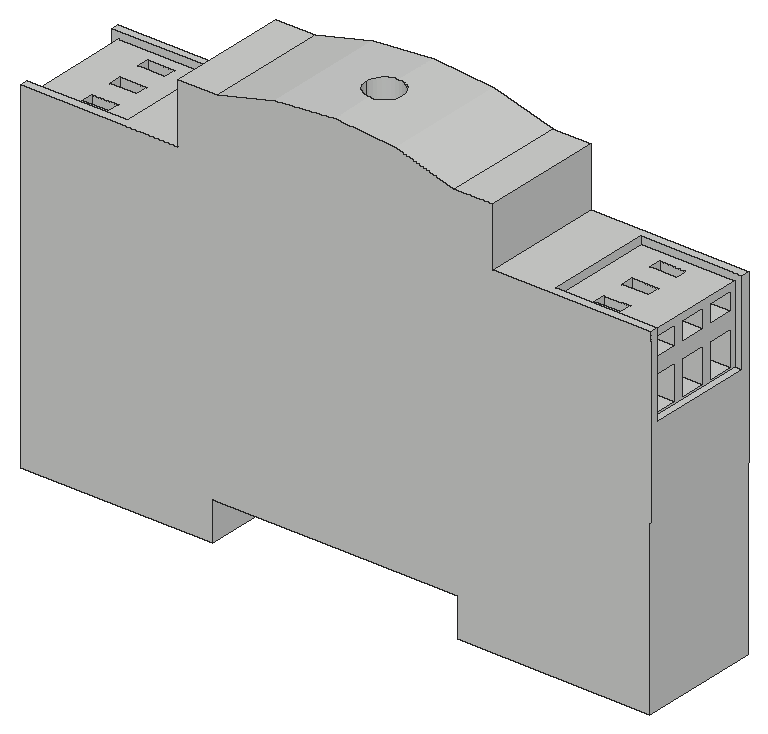
Revit family "MSR-Schutz für 2-polige Stromversorgung mit leckstromfreier Fernsignalisierung 230V AC_DC", category Generic Models, Revit 2015
Parameters (values of type "VF2-230-AC/DC-FS")
  Width = 90 mm
  URL = "http://www.obo-bettermann.com"
  Material 2 = OBO PE
  Material = OBO PA 6 GF20
  Manufacturer Art.No. = "5097939"
  Manufacturer = "OBO Bettermann"
  Length = 17.5 mm
  Height = 60.5 mm
  GTIN = "4012195578260"
  Cut depth = 12 mm
  Article Type = "VF2-230-AC/DC-FS"
Reference planes
  plane 1 "Center (Front/Back)": y = 0
  plane 2: z = 0
  plane 3 "Center (Left/Right)": x = 0
  plane 4: z = 60.5
  plane 5: y = 8.75
  plane 6: y = -8.75
  plane 7: z = 37
  plane 8: z = 48
  plane 9: z = 46
  plane 10: x = 39
  plane 11: x = -39
  plane 12: z = 61.5
  plane 13: z = 51.5
  plane 14: z = 61.5
  plane 15: z = 51.5
  plane 16: x = -44
Forms (mm)
  Extrusion 1, solid, material "OBO PA 6 GF20" <- "Material"
    sketch origin (0, 0, 0) x (1, 0, 0) y (0, 0, 1)
      loop
        line (0, 5.5) -> (17.5, 5.5) -> (17.5, 0) -> (45, 0) -> (45, 49) -> (22.5, 49) -> (22.5, 57.5) -> (17, 57.5)
        arc (17, 57.5) -> (0, 60.5) -> (-17, 57.5) r 49.667
        line (-17, 57.5) -> (-22.5, 57.5) -> (-22.5, 49) -> (-45, 49) -> (-45, 0) -> (-17.5, 0) -> (-17.5, 5.5) -> (0, 5.5)
    from -8.75 to 8.75
  Extrusion 2, void
    sketch origin (0, 0, 0) x (1, 0, 0) y (0, 1, 0)
      loop
        line (30.6, 7.6) -> (30.6, -7.6) -> (45, -7.6) -> (45, 7.6) -> (30.6, 7.6)
      loop
        line (-45, 7.6) -> (-45, -7.6) -> (-30.6, -7.6) -> (-30.6, 7.6) -> (-45, 7.6)
    from 37 to 49
  Extrusion 3, solid, material "OBO PE" <- "Material 2"
    sketch origin (0, 0, 0) x (1, 0, 0) y (0, 1, 0)
      loop
        line (30.6, 7.6) -> (30.6, -7.6) -> (44, -7.6) -> (44, 7.6) -> (30.6, 7.6)
      loop
        line (-30.6, 7.6) -> (-44, 7.6) -> (-44, -7.6) -> (-30.6, -7.6) -> (-30.6, 7.6)
    from 37 to 48
  Extrusion 4, void
    sketch origin (0, 0, 0) x (1, 0, 0) y (0, 1, 0)
      loop
        line (34.7, 0.9) -> (34.7, -0.9) -> (38.5, -0.9) -> (38.5, 0.9) -> (34.7, 0.9)
      loop
        line (34.7, 5.9) -> (34.7, 4.1) -> (38.5, 4.1) -> (38.5, 5.9) -> (34.7, 5.9)
      loop
        line (34.7, -4.1) -> (34.7, -5.9) -> (38.5, -5.9) -> (38.5, -4.1) -> (34.7, -4.1)
      loop
        line (-34.7, 5.9) -> (-38.5, 5.9) -> (-38.5, 4.1) -> (-34.7, 4.1) -> (-34.7, 5.9)
      loop
        line (-34.7, 0.9) -> (-38.5, 0.9) -> (-38.5, -0.9) -> (-34.7, -0.9) -> (-34.7, 0.9)
      loop
        line (-34.7, -4.1) -> (-38.5, -4.1) -> (-38.5, -5.9) -> (-34.7, -5.9) -> (-34.7, -4.1)
    from 46 to 48
  Extrusion 5, void
    sketch origin (0, 0, 0) x (0, 1, 0) y (0, 0, 1)
      loop
        line (1.9, 47) -> (-1.9, 47) -> (-1.9, 44.4) -> (1.9, 44.4) -> (1.9, 47)
      loop
        line (6.9, 47) -> (3.1, 47) -> (3.1, 44.4) -> (6.9, 44.4) -> (6.9, 47)
      loop
        line (-3.1, 47) -> (-6.9, 47) -> (-6.9, 44.4) -> (-3.1, 44.4) -> (-3.1, 47)
      loop
        line (6.9, 42.2) -> (3.1, 42.2) -> (3.1, 37.2) -> (6.9, 37.2) -> (6.9, 42.2)
      loop
        line (1.9, 42.2) -> (-1.9, 42.2) -> (-1.9, 37.2) -> (1.9, 37.2) -> (1.9, 42.2)
      loop
        line (-3.1, 42.2) -> (-6.9, 42.2) -> (-6.9, 37.2) -> (-3.1, 37.2) -> (-3.1, 42.2)
    from 39 to 44
  Extrusion 6, void
    sketch origin (0, 0, 0) x (0, 1, 0) y (0, 0, 1)
      loop
        line (3.1, 44.4) -> (6.9, 44.4) -> (6.9, 47) -> (3.1, 47) -> (3.1, 44.4)
      loop
        line (1.9, 44.4) -> (1.9, 47) -> (-1.9, 47) -> (-1.9, 44.4) -> (1.9, 44.4)
      loop
        line (-3.1, 47) -> (-6.9, 47) -> (-6.9, 44.4) -> (-3.1, 44.4) -> (-3.1, 47)
      loop
        line (6.9, 42.2) -> (3.1, 42.2) -> (3.1, 37.2) -> (6.9, 37.2) -> (6.9, 42.2)
      loop
        line (1.9, 37.2) -> (1.9, 42.2) -> (-1.9, 42.2) -> (-1.9, 37.2) -> (1.9, 37.2)
      loop
        line (-3.1, 42.2) -> (-6.9, 42.2) -> (-6.9, 37.2) -> (-3.1, 37.2) -> (-3.1, 42.2)
    from -44 to -39
  Extrusion 7, void
    sketch origin (0, 0, 0) x (1, 0, 0) y (0, 1, 0)
      loop
        circle (0, 0) r 2.6
    from 51.5 to 61.5
  Extrusion 8, void
    sketch origin (0, 0, 0) x (0, 1, 0) y (0, 0, 1)
      loop
        line (5.55, 0) -> (5.55, 15.2) -> (-5.55, 15.2) -> (-5.55, 0) -> (5.55, 0)
    from -45 to -44
Cuts and joins
  Extrusion 2, Extrusion 4, Extrusion 5, Extrusion 6, Extrusion 7, Extrusion 8 cuts Extrusion 1
  Extrusion 4, Extrusion 5, Extrusion 6 cuts Extrusion 3
Dimensions and locks
  locked: Extrusion 1 sketch curve to plane 3 "Center (Left/Right)" at 45
  locked: Extrusion 1 sketch curve to level at 49  (x2)
  locked: Extrusion 1 sketch curve to level at 5.5
  locked: Extrusion 1 sketch curve to plane 3 "Center (Left/Right)" at 17.5
  locked: Extrusion 1 sketch curve to plane 3 "Center (Left/Right)" at 22.5
  locked: Extrusion 1 sketch curve to level at 57.5  (x2)
  locked: Extrusion 1 sketch curve to Extrusion 1 sketch curve at 5.5  (x2)
  "Width": Extrusion 1 sketch curve to Extrusion 1 sketch curve
  locked: plane 3 "Center (Left/Right)" to Extrusion 1 sketch curve at 17.5
  locked: plane 3 "Center (Left/Right)" to Extrusion 1 sketch curve at 22.5
  "Height": plane 4 to level
  "Length": plane 5 to plane 6
  locked: plane 5 to plane 1 "Center (Front/Back)" at 8.75
  locked: Extrusion 2 sketch curve to Extrusion 2 sketch curve at 15.2
  equal spacing: Extrusion 2 sketch curve, plane 1 "Center (Front/Back)", Extrusion 2 sketch curve, locked at 7.6 each
  locked: Extrusion 2 sketch curve to Extrusion 1 at 14.4
  locked: Extrusion 1 to Extrusion 2 sketch curve at 14.4
  "Cut depth": cut or joined group of Extrusion 1, Extrusion 2, Extrusion 4, Extrusion 5, Extrusion 6, Extrusion 7, Extrusion 8 to plane 7
  locked: Extrusion 3 sketch curve to cut or joined group of Extrusion 1, Extrusion 2, Extrusion 4, Extrusion 5, Extrusion 6, Extrusion 7, Extrusion 8 at 1
  locked: cut or joined group of Extrusion 1, Extrusion 2, Extrusion 4, Extrusion 5, Extrusion 6, Extrusion 7, Extrusion 8 to Extrusion 3 sketch curve at 1
  locked: cut or joined group of Extrusion 1, Extrusion 2, Extrusion 4, Extrusion 5, Extrusion 6, Extrusion 7, Extrusion 8 to plane 8 at 1
  locked: Extrusion 4 sketch curve to Extrusion 4 sketch curve at 1.8  (x3)
  equal spacing: Extrusion 4 sketch curve, plane 1 "Center (Front/Back)", Extrusion 4 sketch curve, locked at 0.9 each
  locked: Extrusion 4 sketch curve to Extrusion 4 sketch curve at 3.2  (x2)
  locked: Extrusion 4 sketch curve to Extrusion 4 sketch curve at 3.8  (x2)
  locked: Extrusion 4 sketch curve to cut or joined group of Extrusion 1, Extrusion 2, Extrusion 4, Extrusion 5, Extrusion 6, Extrusion 7, Extrusion 8 at 10.3
  locked: cut or joined group of Extrusion 1, Extrusion 2, Extrusion 4, Extrusion 5, Extrusion 6, Extrusion 7, Extrusion 8 to Extrusion 4 sketch curve at 10.3
  locked: plane 8 to plane 9 at 2
  locked: Extrusion 5 sketch curve to Extrusion 5 sketch curve at 3.8  (x3)
  equal spacing: Extrusion 5 sketch curve, plane 1 "Center (Front/Back)", Extrusion 5 sketch curve, locked at 1.9 each
  locked: Extrusion 5 sketch curve to Extrusion 5 sketch curve at 1.2  (x2)
  locked: cut or joined group of Extrusion 3, Extrusion 4, Extrusion 5, Extrusion 6 to Extrusion 5 sketch curve at 1
  locked: Extrusion 5 sketch curve to Extrusion 5 sketch curve at 2.6
  locked: Extrusion 5 sketch curve to Extrusion 5 sketch curve at 2.2
  locked: Extrusion 5 sketch curve to Extrusion 5 sketch curve at 5
  locked: cut or joined group of Extrusion 3, Extrusion 4, Extrusion 5, Extrusion 6 to plane 10 at 5
  locked: cut or joined group of Extrusion 3, Extrusion 4, Extrusion 5, Extrusion 6 to plane 11 at 5
  locked: plane 12 to cut or joined group of Extrusion 1, Extrusion 2, Extrusion 4, Extrusion 5, Extrusion 6, Extrusion 7, Extrusion 8 at 4
  locked: plane 12 to plane 13 at 10
  locked: plane 14 to cut or joined group of Extrusion 1, Extrusion 2, Extrusion 4, Extrusion 5, Extrusion 6, Extrusion 7, Extrusion 8 at 4
  locked: plane 14 to plane 15 at 10
  locked: cut or joined group of Extrusion 1, Extrusion 2, Extrusion 4, Extrusion 5, Extrusion 6, Extrusion 7, Extrusion 8 to Extrusion 8 sketch curve at 15.2
  locked: Extrusion 8 sketch curve to Extrusion 8 sketch curve at 11.1
  equal spacing: Extrusion 8 sketch curve, plane 1 "Center (Front/Back)", Extrusion 8 sketch curve, locked at 5.55 each
  locked: cut or joined group of Extrusion 1, Extrusion 2, Extrusion 4, Extrusion 5, Extrusion 6, Extrusion 7, Extrusion 8 to plane 16 at 1
  radius of Extrusion 1 sketch curve = 49.667 mm
  radius of Extrusion 7 sketch curve = 2.6 mm
  aligned and locked: level to plane 2
  aligned and locked: Extrusion 1 to plane 5
  aligned and locked: plane 6 to Extrusion 1
  aligned and locked: Extrusion 2 sketch curve to Extrusion 1  (x2)
  aligned and locked: Extrusion 2 sketch curve to Extrusion 2 sketch curve  (x2)
  aligned and locked: Extrusion 2 to plane 7
  aligned and locked: Extrusion 2 to Extrusion 1
  aligned and locked: Extrusion 3 sketch curve to cut or joined group of Extrusion 1, Extrusion 2, Extrusion 4, Extrusion 5, Extrusion 6, Extrusion 7, Extrusion 8  (x5)
  aligned and locked: cut or joined group of Extrusion 1, Extrusion 2, Extrusion 4, Extrusion 5, Extrusion 6, Extrusion 7, Extrusion 8 to Extrusion 3 sketch curve
  aligned and locked: cut or joined group of Extrusion 1, Extrusion 2, Extrusion 4, Extrusion 5, Extrusion 6, Extrusion 7, Extrusion 8 to Extrusion 3
  aligned and locked: plane 8 to Extrusion 3
  aligned and locked: Extrusion 4 sketch curve to Extrusion 4 sketch curve  (x14)
  aligned and locked: Extrusion 4 to plane 9
  aligned and locked: plane 8 to Extrusion 4
  aligned and locked: Extrusion 5 sketch curve to Extrusion 5 sketch curve  (x14)
  aligned and locked: Extrusion 5 to plane 10
  aligned and locked: cut or joined group of Extrusion 3, Extrusion 4, Extrusion 5, Extrusion 6 to Extrusion 5
  aligned and locked: Extrusion 6 sketch curve to cut or joined group of Extrusion 3, Extrusion 4, Extrusion 5, Extrusion 6  (x24)
  aligned and locked: cut or joined group of Extrusion 3, Extrusion 4, Extrusion 5, Extrusion 6 to Extrusion 6
  aligned and locked: plane 11 to Extrusion 6
  aligned and locked: Extrusion 7 to plane 15
  aligned and locked: plane 14 to Extrusion 7
  aligned and locked: Extrusion 1 to Extrusion 8
  aligned and locked: Extrusion 8 to cut or joined group of Extrusion 3, Extrusion 4, Extrusion 5, Extrusion 6
Automatic sketch dimensions
  Extrusion 1 sketch curve to plane 3 "Center (Left/Right)" = 0 mm
  Extrusion 1 sketch curve to level = 0 mm  (x2)
  Extrusion 6 sketch curve to plane 1 "Center (Front/Back)" = 3.1 mm
  plane 1 "Center (Front/Back)" to Extrusion 7 sketch curve = 0 mm
  Extrusion 7 sketch curve to plane 3 "Center (Left/Right)" = 0 mm
  Extrusion 8 sketch curve to level = 0 mm
